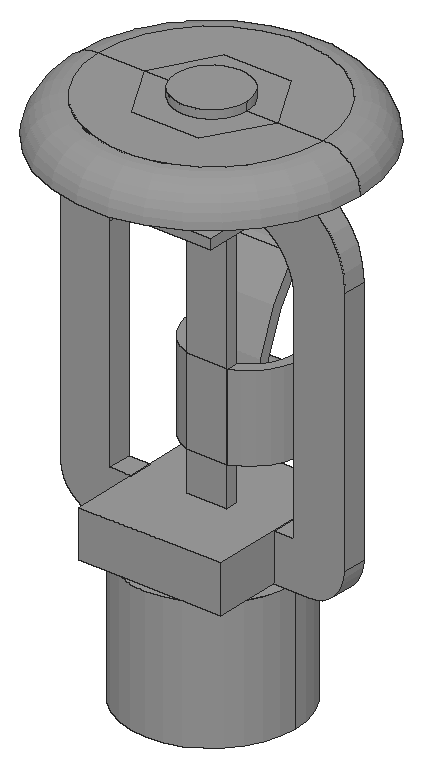
Revit family
Parameters (values of type "RASCO G UPRIGHT")
  Temperature Rating = 212 °F
  Response = (empty or 0)
  RASCO SIN # = "R1025"
  RASCO Part # = "GU2B"
  Pressure Rating = "175 PSI"
  Pressure Class = (empty or 0)
  Orifice Size = 1/2"
  Orifice = (empty or 0)
  Model = "G"
  Manufacturer = "RASCO"
  K-Factor = 5.62
  Description = "Bronze Finish"
  Coverage = (empty or 0)
Reference planes (in)
  plane 1 "Center (Front/Back)": y = 0
  plane 2: z = 0
  plane 3 "Center (Left/Right)": x = 0
Dimensions and locks (in)
  aligned and locked: plane 2 to level
Nested families (in)
  nested 1: "GU2B" at (-0.03663, -6.22974, 0), type "RASCO G UPRIGHT"
Connectors (in)
  piping at (-0.03663, -6.22974, 0)
    settings: on nested 1, index 1, connector radius 0.45", flow factor 0, pipe flow 0 GPM, pressure drop 0.00 psi, fitting loss kfactor 0, connector angle 0.00°, fixture units 0, flow configuration 0, flow direction 0, fitting loss method 0, system type 7, connector reference index -1, connector utility 0, adjustable connector no, is connector primary yes, fitting loss table "", connector description ""
Definition of nested family "GU2B"
  Parameters (values of type "RASCO G UPRIGHT")
    Type Comments = ""
    Temperature Rating = 0 °F
    Response = (empty or 0)
    Pressure Rating = "0"
    Pressure Class = (empty or 0)
    Orifice Size = 0"
    Orifice = (empty or 0)
    Model = ""
    Manufacturer = ""
    K-Factor = 0
    Description = ""
    Coverage = (empty or 0)
    Assembly Code = ""
  Reference planes (in)
    plane 1 "Center (Front/Back)": y = 0
    plane 2: z = 0
    plane 3 "ref.2": z = 0.6875
    plane 4 "ref.3": z = 0.9375
    plane 5: x = -0.38065
    plane 6: x = 0.36935
    plane 7 "ref. side 1": y = 0.06402
    plane 8 "ref. side 2": y = -0.06098
    plane 9 "ref.4": z = 1.875
    plane 10 "ref.5": z = 2.875
    plane 11 "center": x = -0.00574
  Forms (in)
    Extrusion 1, solid, material "Default"
      sketch origin (0, 0, 0) x (1, 0, 0) y (0, 1, 0)
        loop
          circle (0, 0) r 0.438
      from 0 to 0.6875
    Extrusion 2, solid, material "Default"
      sketch origin (-0.12185, 0.05177, 0.6875) x (1, 0, 0) y (0, 1, 0)
        loop
          line (-0.2588, 0.356) -> (-0.2588, -0.4565) -> (0.4912, -0.4565) -> (0.4912, 0.356) -> (-0.2588, 0.356)
      from 0 to 0.25
    Extrusion 3, solid, material "Default"
      sketch origin (0, 0, 0) x (1, 0, 0) y (0, 0, 1)
        loop
          line (-0.49248, 0.9375) -> (-0.49248, 2.10276)
          arc (-0.49248, 2.10276) -> (-0.40724, 2.30855) -> (-0.20145, 2.39379) r 0.29103
          line (-0.20145, 2.39379) -> (0.18108, 2.39379)
          arc (0.18108, 2.39379) -> (0.38905, 2.30765) -> (0.47519, 2.09969) r 0.29411
          line (0.47519, 2.09969) -> (0.47519, 0.9375) -> (0.36935, 0.9375) -> (0.36935, 0.6875) -> (0.55741, 0.6875)
          arc (0.55741, 0.6875) -> (0.69165, 0.7431) -> (0.74725, 0.87734) r 0.18984
          line (0.74725, 0.87734) -> (0.74725, 2.19113)
          arc (0.74725, 2.19113) -> (0.61669, 2.50631) -> (0.3015, 2.63687) r 0.44574
          line (0.3015, 2.63687) -> (-0.30719, 2.63687)
          arc (-0.30719, 2.63687) -> (-0.62225, 2.50637) -> (-0.75275, 2.19131) r 0.44556
          line (-0.75275, 2.19131) -> (-0.75275, 0.87876)
          arc (-0.75275, 0.87876) -> (-0.69673, 0.74352) -> (-0.56149, 0.6875) r 0.19126
          line (-0.56149, 0.6875) -> (-0.38065, 0.6875) -> (-0.38065, 0.9375) -> (-0.49248, 0.9375)
      from -0.06402 to 0.06098
    Extrusion 4, solid, material "Default"
      sketch origin (-0.00199, 0, 2.4375) x (-1, 0, 0) y (0, -1, 0)
        loop
          circle (0.00574, -0.00152) r 0.1875
      from -0.04371 to 0.4375
    Revolve 5, solid, material "Default"
      sketch origin (-0.0011, 0, 0.30638) x (1, 0, 0) y (0, 0, 1)
        loop
          line (-0.19255, 2.33367) -> (-0.19255, 2.52696) -> (-0.35809, 2.52696) -> (-0.59714, 2.52696)
          arc (-0.59714, 2.52696) -> (-0.73508, 2.47056) -> (-0.79397, 2.33367) r 0.19686
          line (-0.79397, 2.33367) -> (-0.19255, 2.33367)
        axis (-0.00574, 2.33367) -> (-0.00574, 2.52696)
      angle from 0 to 360
    Extrusion 6, solid, material "Default"
      sketch origin (0, 0, 0.9375) x (-1, 0, 0) y (0, -1, 0)
        loop
          line (-0.10175, -0.02852) -> (0.11324, -0.02852) -> (0.11324, 0.03101) -> (-0.10175, 0.03101) -> (-0.10175, -0.02852)
      from 0 to 1.45629
    Extrusion 7, solid, material "Default"
      sketch origin (-0.00574, -0.0095, -0.07537) x (0, 0, -1) y (0, -1, 0)
        loop
          line (-2.39379, 0.21198) -> (-2.39379, -0.229)
          arc (-2.39379, -0.229) -> (-2.26956, -0.41579) -> (-2.04926, -0.37342) r 0.20254
          arc (-2.04926, -0.37342) -> (-1.6599, -0.16721) -> (-1.22163, -0.12207) r 1.15319
          line (-1.22163, -0.12207) -> (-1.22163, -0.07087)
          arc (-1.22163, -0.07087) -> (-1.6782, -0.11947) -> (-2.0834, -0.33544) r 1.20419
          arc (-2.0834, -0.33544) -> (-2.24878, -0.36919) -> (-2.34279, -0.229) r 0.15154
          line (-2.34279, -0.229) -> (-2.34279, 0.21198) -> (-2.39379, 0.21198)
      from -0.17255 to 0.17398
    Extrusion 8, solid, material "Default"
      sketch origin (0, 0, 0) x (1, 0, 0) y (0, 1, 0)
        loop
          arc (0.23993, 0.23051) -> (0.19768, 0.11115) -> (0.10175, 0.02852) r 0.24647
          line (0.10175, 0.02852) -> (-0.11324, 0.02852)
          arc (-0.11324, 0.02852) -> (-0.21767, 0.12447) -> (-0.25194, 0.2621) r 0.24647
          line (-0.25194, 0.2621) -> (-0.25194, 0.40777) -> (-0.30719, 0.40777) -> (-0.30719, 0.25942)
          arc (-0.30719, 0.25942) -> (-0.25653, 0.08328) -> (-0.11324, -0.03101) r 0.30157
          line (-0.11324, -0.03101) -> (0.10175, -0.03101)
          arc (0.10175, -0.03101) -> (0.24461, 0.08262) -> (0.29574, 0.25785) r 0.30157
          line (0.29574, 0.25785) -> (0.29574, 0.40777) -> (0.23993, 0.40777) -> (0.23993, 0.23051)
      from 1.14626 to 1.59756
    Extrusion 9, solid, material "Default"
      sketch origin (-0.00574, -0.0095, -0.07537) x (0, 0, -1) y (0, -1, 0)
        loop
          circle (-1.44728, -0.26892) r 0.13147
      from -0.24568 to 0.24619
  Cuts and joins
    joined: Extrusion 1, Extrusion 2, Revolve 5
  Dimensions and locks (in)
    Revolve 5 sketch curve to Revolve 5 sketch curve = 0.78823"
    plane 10 "ref.5" to level = 2.875"
